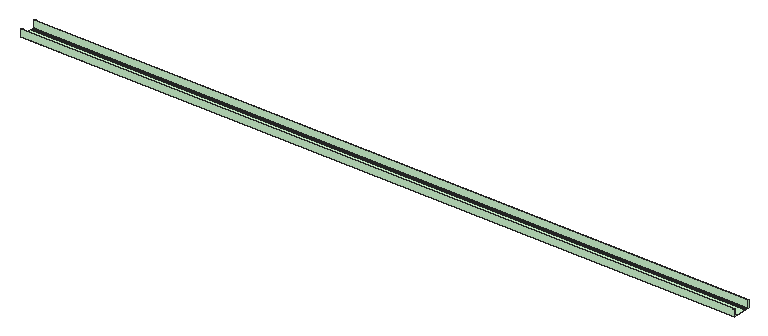
Revit family "WR-90_", category 機械設備, Revit 2020
Family settings
  丸型コネクタ寸法 = 直径を使用
  種別 = なし
  パーツ タイプ = 標準
  作業面ベース = いいえ
  常に垂直 = はい
  ロード時にボイドで切り取り = いいえ
  共有 = いいえ
  部屋計算ポイント = いいえ
Parameters
  製造元 = "株式会社桐井製作所"
  既定の高さ = 0 mm
  URL = "https://www.kirii.co.jp/"
  K_長さ(mm) [instance] = 4000 mm
  K_材質 = "SGCCまたはSGHC　一般用"
  K_断面積A(mm2) = 135.5
  K_断面係数Zy(mm3) = 3928
  K_断面係数Zx(mm3) = 708.8
  K_断面2次半径iy(mm) = 36.5
  K_断面2次半径ix(mm) = 12.6
  K_断面2次モーメントIy(mm4) = 180700
  K_断面2次モーメントIx(mm4) = 21510
  K_外形寸法(mm) = "92×40×0.8"
  K_品名 = "WR-90"
  K_名称 = "ランナー"
  K_単位質量(kg/m) = 1.095
  K_ヤング係数E(N/mm2) = 205000
  K_バージョン情報 = "20210524"
  K_めっき付着量 = "Z12"
  K_JIS規格 = "JIS G 3302"
  K_JIS外 = not(K_JIS)  # no
  K_JIS = yes
Reference planes
  plane 1 "中心(正面/背面)": y = 0
  plane 2: z = 0
  plane 3 "中心(左/右)": x = 0
  plane 4: x = 4000
  plane 5: y = 48.5
  plane 6: y = -48.5
Forms (mm)
  Extrusion 1, solid
    sketch origin (0, 0, 0) x (0, 1, 0) y (0, 0, 1)
      loop
        line (28.5, 0) -> (29.3, 0.8) -> (37.7, 0.8) -> (38.5, 0) -> (48.5, 0) -> (48.5, 39.981) -> (47.7, 39.981) -> (47.7, 0.8) -> (38.831, 0.8) -> (38.031, 1.6) -> (28.969, 1.6) -> (28.169, 0.8) -> (-28.169, 0.8) -> (-28.969, 1.6) -> (-38.031, 1.6) -> (-38.831, 0.8) -> (-47.7, 0.8) -> (-47.7, 39.962) -> (-48.5, 39.962) -> (-48.5, 0) -> (-38.5, 0) -> (-37.7, 0.8) -> (-29.3, 0.8) -> (-28.5, 0) -> (28.5, 0)
    from 0 to 4000
Dimensions and locks
  "K_長さ(mm)": plane 3 "中心(左/右)" to plane 4
  equal spacing: plane 6, plane 1 "中心(正面/背面)", plane 5
  plane 6 to plane 5 = 97 mm
  locked: Extrusion 1 to Extrusion 1 at 0.8  (x2)
  aligned and locked: level to plane 2
  aligned and locked: plane 4 to Extrusion 1
  aligned and locked: plane 5 to Extrusion 1
  aligned and locked: Extrusion 1 to plane 6
Automatic sketch dimensions
  Extrusion 1 sketch curve to plane 6 = 0 mm
  Extrusion 1 sketch curve to level = 0 mm  (x3)
  Extrusion 1 sketch curve to plane 5 = 0 mm
  plane 6 to Extrusion 1 sketch curve = 0.8 mm
  level to Extrusion 1 sketch curve = 0.8 mm  (x5)
  Extrusion 1 sketch curve to Extrusion 1 sketch curve = 8.869 mm
  Extrusion 1 sketch curve to Extrusion 1 sketch curve = 0.331 mm  (x8)
  level to Extrusion 1 sketch curve = 1.6 mm  (x2)
  Extrusion 1 sketch curve to Extrusion 1 sketch curve = 0.8 mm  (x4)
  Extrusion 1 sketch curve to Extrusion 1 sketch curve = 8.4 mm  (x2)
  Extrusion 1 sketch curve to plane 5 = 20.331 mm
  Extrusion 1 sketch curve to plane 5 = 0.8 mm
  Extrusion 1 sketch curve to Extrusion 1 sketch curve = 39.162 mm
  Extrusion 1 sketch curve to Extrusion 1 sketch curve = 39.181 mm
